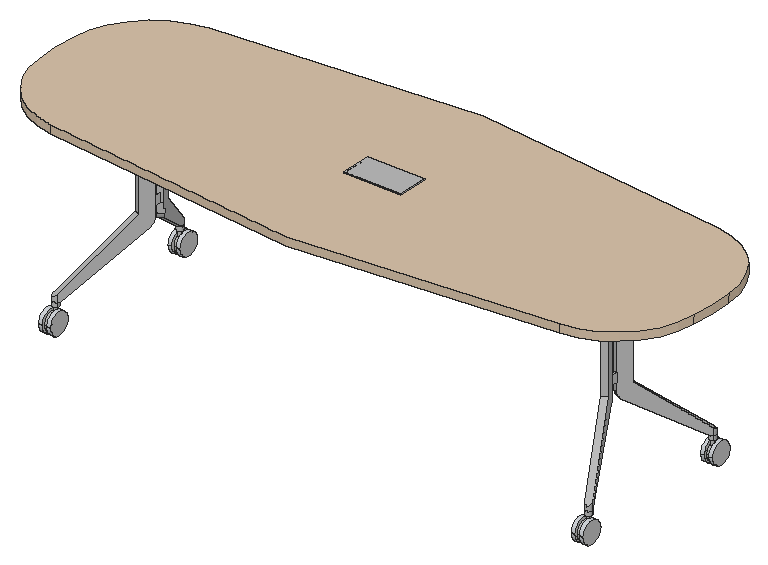
Revit family "Haworth_Planes_CollaborativeTable_Pebble", category Furniture Systems, Revit 2018
Family settings
  Round Connector Dimension = Use Diameter
  Part Type = Normal
  OmniClass Number = 23.40.70.14.64.21
  OmniClass Title = Systems Furniture
  Work Plane-Based = No
  Always vertical = Yes
  Cut with Voids When Loaded = No
  Shared = No
  Room Calculation Point = No
Parameters (values of type "96w 36d")
  Width = 96"
  Warranty = "http://www.haworth.com/resources/product-info/warranties"
  URL - Product = "http://www.haworth.com/products/tables/collaborative/planes"
  Table Finish [instance] = Haworth _ Laminate _ Maple H-AE
  Table Edge Finish [instance] = Haworth _ Laminate _ Maple H-AE
  Sustainability Info = "https://www.haworth.com/company-info/sustainability"
  Stretcher Width = Actual Width - ([Support Spacing - From Edge] * 2)  # 66"
  Opening Single Wide = no
  Opening Single = not(Opening Single Wide)  # yes
  Flip Top Width = Cutout Width + 5/16"  # 8 5/16"
  Flip Top Finish = Haworth _ Paint _ Metallic Champagne
  Flip Top Depth = Cutout Depth + 7/16"  # 4 7/16"
  Depth = 36"
  Custom 36 = not(and(and(Depth = 36"), or(Width = 60", Width = 66", Width = 72", Width = 78", Width = 84", Width = 90", Width = 96")))  # no
  Model = "TARP"  # constant formula
  Leg Finish [instance] = Haworth _ Paint _ Metallic Champagne
  Glides = not(Casters)  # no
  Flip Top = yes
  Description = "Haworth - Planes Collaborative Table - Pebble"  # constant formula
  Cutout Width = if(Opening Single Wide, 11", 8")  # 8"
  Cutout Depth = 4"  # constant formula
  Cutout = yes
  URL = "www.haworth.com"
  Table Thickness = 1 3/16"  # constant formula
  Support Spacing - From Edge = 15"  # constant formula
  Size = "Verify Final Dim. w/ Haworth"  # constant formula
  Revision Number = "6"  # constant formula
  Min/Max Width = "60-96 in. @ 6 in. increments"  # constant formula
  Min/Max Depth = "30 or 36 in."  # constant formula
  Min. Width = 60"  # constant formula
  Max. Width = if(Actual Depth < 36", 72", 96")  # 96"
  Min. Depth = 30"  # constant formula
  Max. Depth = 36"  # constant formula
  Manufacturer = "Haworth"  # constant formula
  Leg Height = Actual Height - Table Thickness  # 27 13/16"
  Custom Size = and(Custom 30, Custom 36)  # no
  Custom 30 = not(and(and(Depth = 30"), or(Width = 60", Width = 66", Width = 72")))  # yes
  Casters = yes
  Caster Finish = Haworth _ Paint _ Metallic Champagne
  Author = "Haworth (Alias), SHAPE Environments, LLC"  # constant formula
  Assembly Code = "E2020200"
  Actual Width = if(Width < Min. Width, Min. Width, if(Width > Max. Width, Max. Width, Width))  # 96"
  Actual Height = 29"  # constant formula
  Actual Depth = if(Depth > Max. Depth, Max. Depth, if(Depth < Min. Depth, Min. Depth, Depth))  # 36"
Reference planes (in)
  plane 1 "Center F/B": y = 0
  plane 2: z = 0
  plane 3 "Center L/R": x = 0
  plane 4 "Table Edge Left": x = -48
  plane 5 "Table Edge Right": x = 48
  plane 6 "Table Edge Front": y = 18
  plane 7 "Table Edge Back": y = -18
  plane 8 "Table Leg Left": x = -33
  plane 9 "Table Leg Right": x = 33
  plane 10 "Top": z = 29
Dimensions and locks (in)
  "Support Spacing - From Edge": plane 4 "Table Edge Left" to plane 8 "Table Leg Left"
  "Support Spacing - From Edge": plane 9 "Table Leg Right" to plane 5 "Table Edge Right"
  "Actual Width": plane 4 "Table Edge Left" to plane 5 "Table Edge Right"
  equal spacing: plane 4 "Table Edge Left", plane 3 "Center L/R", plane 5 "Table Edge Right"
  "Actual Depth": plane 6 "Table Edge Front" to plane 7 "Table Edge Back"
  equal spacing: plane 6 "Table Edge Front", plane 1 "Center F/B", plane 7 "Table Edge Back"
  "Actual Height": plane 10 "Top" to level
  aligned: plane 9 "Table Leg Right" to nested 2
  aligned: plane 8 "Table Leg Left" to nested 1
  aligned and locked: plane 8 "Table Leg Left" to nested 1
  aligned and locked: plane 9 "Table Leg Right" to nested 2
  aligned and locked: plane 2 to nested 3
  aligned and locked: plane 1 "Center F/B" to nested 3
  aligned and locked: plane 3 "Center L/R" to nested 3
  aligned and locked: nested 3 to nested 4  (x2)
  aligned and locked: nested 5 to plane 1 "Center F/B"
  aligned and locked: plane 3 "Center L/R" to nested 5
  aligned and locked: plane 2 to nested 5
  aligned and locked: nested 2 to plane 2
  aligned and locked: plane 2 to nested 1
  aligned and locked: nested 2 to plane 1 "Center F/B"
  aligned and locked: plane 1 "Center F/B" to nested 1
  aligned and locked: plane 10 "Top" to nested 4
Nested families (in)
  nested 1: "Haworth_Leg-Y_Part" at (-33, 0, 0), type "Leg"
  nested 2: "Haworth_Leg-Y_Part" at (33, 0, 0) x (-1, 0, 0) z (0, 0, 1), type "Leg"
  nested 3: "Haworth_Planes_Collaborative_Worksurface_Pebble_Part" at (0, -15, 0), type "Worksurface"
  nested 4: "Haworth_Worksurface_FlipTop_Unit_Part" at (-0.57037, -0.05249, 29), visible <- "Flip Top", type "Single Sided"
    with Actual Width 8 5/16", Actual Depth 4 7/16"
  nested 5: "Haworth_Planes_CollaborativeTable_Stretcher_Part" at (0, -3.19283, 0), type "Stretcher"
    with Actual Width 66"
Definition of nested family "Haworth_Leg-Y_Part"
  Parameters (values of type "Leg")
    Leg Height = 27 13/16"
    Leg Finish = none
    Glides = no
    Casters = yes
    Caster Finish = none
    Assembly Code = ""
  Reference planes (in)
    plane 1 "Center (Front/Back)": y = 0
    plane 2 "Bottom": z = 0
    plane 3 "Center (Left/Right)": x = 0
    plane 4 "Top of Leg": z = 27.8125
    plane 5 "Y Leg Stand": x = -5.875
    plane 6 "Left Y Leg": through (-0.17621, 0.60996, 48) normal (-0.8829, -0.4695, 0)
    plane 7 "Left Post": x = -0.5625
    plane 8 "Left Support": y = 11.32793
    plane 9: through (-0.17621, -0.60996, 48) normal (0.8829, -0.4695, 0)
    plane 10: y = -11.32793
  Forms (in)
    Extrusion 1, solid, material <- "Leg Finish"
      sketch origin (-0.51599, 0, 0) x (1, 0, 0) y (0, 0, 1)
        loop
          line (0.28125, 13.625) -> (0.28125, 14.875) -> (-0.04651, 14.875) -> (-0.04651, 13.625) -> (0.28125, 13.625)
      from -1 to 1
    Extrusion 2, solid, material <- "Leg Finish"
      sketch origin (-0.17621, 0.60996, 48) x (0.469468, -0.88295, 0) y (0, 0, -1)
        loop
          line (-2, 34.75027) -> (-2, 20.1875) -> (0, 20.1875) -> (0, 34.38219) -> (-0.09992, 35.81107)
          arc (-0.09992, 35.81107) -> (-0.23667, 36.25861) -> (-0.55568, 36.601) r 1.04081
          line (-0.55568, 36.601) -> (-11.7751, 43.96035) -> (-12.64299, 43.96035) -> (-12.64299, 43.40736) -> (-2, 34.75027)
      from -0.4375 to 0.4375
    Extrusion 3, void
      sketch origin (0.73566, 0.86334, 0) x (0.88295, 0.469468, 0) y (-0.469468, 0.88295, 0)
        loop
          arc (-1.36158, 12.3432) -> (-0.92408, 12.7807) -> (-0.48658, 12.3432) r 0.4375
          line (-0.48658, 12.3432) -> (-0.31134, 12.3432) -> (-0.31134, 12.89092) -> (-1.53683, 12.89092) -> (-1.53683, 12.3432) -> (-1.36158, 12.3432)
      from 3.22588 to 5.51592
    Revolve 4, solid, material <- "Leg Finish", visible <- "Glides"
      sketch origin (-5.88448, -0.04176, 0) x (-0.000803, -1, 0) y (0, 0, 1)
        loop
          line (-11.36969, 3.4375) -> (-11.36969, 0) -> (-10.36969, 0) -> (-10.36969, 0.1875) -> (-10.93219, 0.1875) -> (-10.93219, 3.4375) -> (-11.36969, 3.4375)
        axis (-11.36969, 3.4375) -> (-11.36969, 0)
      angle from 0 to 360
    Extrusion 5, solid, material <- "Leg Finish"
      sketch origin (0.73566, 0.86334, 0) x (0.88295, 0.469468, 0) y (-0.469468, 0.88295, 0)
        loop
          circle (-0.92408, 12.3432) r 0.4375
      from 3.4375 to 4.03965
    Extrusion 6, solid, material <- "Leg Finish"
      sketch origin (-0.17621, -0.60996, 48) x (0.469468, 0.88295, 0) y (0, 0, 1)
        loop
          line (-2, -34.75027) -> (-12.64299, -43.40736) -> (-12.64299, -43.96035) -> (-11.7751, -43.96035) -> (-0.55568, -36.601)
          arc (-0.55568, -36.601) -> (-0.23667, -36.25861) -> (-0.09992, -35.81107) r 1.04081
          line (-0.09992, -35.81107) -> (0, -34.38219) -> (0, -20.1875) -> (-2, -20.1875) -> (-2, -34.75027)
      from -0.4375 to 0.4375
    Extrusion 7, void
      sketch origin (0.73566, -0.86334, 0) x (0.88295, -0.469468, 0) y (0.469468, 0.88295, 0)
        loop
          line (-1.36158, -12.3432) -> (-1.53683, -12.3432) -> (-1.53683, -12.89092) -> (-0.31134, -12.89092) -> (-0.31134, -12.3432) -> (-0.48658, -12.3432)
          arc (-0.48658, -12.3432) -> (-0.92408, -12.7807) -> (-1.36158, -12.3432) r 0.4375
      from 3.22588 to 5.51592
    Revolve 8, solid, material <- "Leg Finish", visible <- "Glides"
      sketch origin (-5.88378, 0.04176, 0) x (-0.000803, 1, 0) y (0, 0, -1)
        loop
          line (-11.36969, -3.4375) -> (-10.93219, -3.4375) -> (-10.93219, -0.1875) -> (-10.36969, -0.1875) -> (-10.36969, 0) -> (-11.36969, 0) -> (-11.36969, -3.4375)
        axis (-11.36969, -3.4375) -> (-11.36969, 0)
      angle from 0 to 360
    Extrusion 9, solid, material <- "Leg Finish"
      sketch origin (0.73566, -0.86334, 0) x (0.88295, -0.469468, 0) y (0.469468, 0.88295, 0)
        loop
          circle (-0.92408, -12.3432) r 0.4375
      from 3.4375 to 4.03965
  Cuts and joins
    Extrusion 3, Extrusion 7 cuts Extrusion 1
    Extrusion 3, Extrusion 7 cuts Extrusion 2
    Extrusion 7 cuts Extrusion 5
    Extrusion 7 cuts Extrusion 6
    Extrusion 7 cuts Extrusion 9
    joined: Extrusion 1, Extrusion 2, Extrusion 5, Extrusion 6, Extrusion 9
    Extrusion 7 cuts Revolve 4
    Extrusion 7 cuts Revolve 8
  Lines and regions (in)
    Masking region 1
      outline origin (0, 0, 0) x (1, 0, 0) y (0, 1, 0)
        loop
          line (0.21008, 0.81535) -> (-5.48871, 11.53332)
          arc (-5.48871, 11.53332) -> (-6.08039, 11.71422) -> (-6.26129, 11.12254) r 0.4375
          line (-6.26129, 11.12254) -> (-0.5625, 0.40456) -> (-0.5625, -0.40456) -> (-6.26129, -11.12254)
          arc (-6.26129, -11.12254) -> (-6.08039, -11.71422) -> (-5.48871, -11.53332) r 0.4375
          line (-5.48871, -11.53332) -> (0.21008, -0.81535) -> (-0.23474, -0.57883) -> (-0.23474, 0.57883) -> (0.21008, 0.81535)
    symbolic lines, visible <- "Glides"
      curve 1: circle (-5.875, -11.32793, 0) r 1 normal (0, 0, 1)
      curve 2: circle (-5.875, 11.32793, 0) r 1 normal (0, 0, 1)
  Dimensions and locks (in)
    "Leg Height": plane 4 "Top of Leg" to level
    plane 5 "Y Leg Stand" to plane 3 "Center (Left/Right)" = 5 7/8"
    locked: plane 7 "Left Post" to plane 3 "Center (Left/Right)" at 0.5625
  Automatic sketch dimensions
    plane 7 "Left Post" to Extrusion 1 sketch curve = 0"
    Extrusion 1 sketch curve to plane 3 "Center (Left/Right)" = 0.23474"
    level to Extrusion 1 sketch curve = 13 5/8"
    Extrusion 1 sketch curve to Extrusion 1 sketch curve = 1 1/4"
    plane 4 "Top of Leg" to Extrusion 2 sketch curve = 0"
    Extrusion 2 sketch curve to level = 4.59264"
    Extrusion 2 sketch curve to level = 4.03965"
    Extrusion 2 sketch curve to Extrusion 2 sketch curve = 0.86789"
    Extrusion 2 sketch curve to Extrusion 2 sketch curve = 10.64299"
    Extrusion 2 sketch curve to Extrusion 2 sketch curve = 0.86181"
    Extrusion 2 sketch curve to level = 11.399"
    Extrusion 2 sketch curve to Extrusion 2 sketch curve = 0.58251"
    Extrusion 2 sketch curve to level = 12.18893"
    Extrusion 2 sketch curve to Extrusion 2 sketch curve = 0.45577"
    Extrusion 2 sketch curve to Extrusion 2 sketch curve = 2"
    Extrusion 2 sketch curve to Extrusion 2 sketch curve = 0.98819"
    Extrusion 2 sketch curve to Extrusion 2 sketch curve = 1.42888"
    Extrusion 3 sketch curve to plane 5 "Y Leg Stand" = 0"
    Extrusion 3 sketch curve to plane 6 "Left Y Leg" = 0"
    Extrusion 3 sketch curve to plane 6 "Left Y Leg" = 7/16"
    Extrusion 3 sketch curve to Extrusion 3 sketch curve = 0.17524"  (x2)
    Extrusion 3 sketch curve to Extrusion 3 sketch curve = 0.54772"
    Revolve 4 sketch curve to level = 0"
    level to Revolve 4 sketch curve = 3.42885"
    Revolve 4 sketch curve to Revolve 4 sketch curve = 0"
    level to Revolve 4 sketch curve = 3/16"
    Revolve 4 sketch curve to Revolve 4 sketch curve = 7/16"
    Revolve 4 sketch curve to Revolve 4 sketch curve = 9/16"
    Revolve 4 sketch curve to level = 1.07115"
    Revolve 4 sketch curve to Revolve 4 sketch curve = 0.00865"
    Extrusion 5 sketch curve to plane 5 "Y Leg Stand" = 0"
    Extrusion 5 sketch curve to plane 6 "Left Y Leg" = 0"
    Extrusion 6 sketch curve to plane 4 "Top of Leg" = 0"
    level to Extrusion 6 sketch curve = 4.59264"
    level to Extrusion 6 sketch curve = 4.03965"
    Extrusion 6 sketch curve to Extrusion 6 sketch curve = 0.86789"
    Extrusion 6 sketch curve to Extrusion 6 sketch curve = 10.64299"
    Extrusion 6 sketch curve to Extrusion 6 sketch curve = 0.86181"
    level to Extrusion 6 sketch curve = 11.399"
    Extrusion 6 sketch curve to Extrusion 6 sketch curve = 0.58251"
    level to Extrusion 6 sketch curve = 12.18893"
    Extrusion 6 sketch curve to Extrusion 6 sketch curve = 0.45577"
    Extrusion 6 sketch curve to Extrusion 6 sketch curve = 2"
    Extrusion 6 sketch curve to Extrusion 6 sketch curve = 0.98819"
    Extrusion 6 sketch curve to Extrusion 6 sketch curve = 1.42888"
    Extrusion 7 sketch curve to plane 5 "Y Leg Stand" = 0"
    plane 9 to Extrusion 7 sketch curve = 0"
    plane 9 to Extrusion 7 sketch curve = 7/16"
    Extrusion 7 sketch curve to Extrusion 7 sketch curve = 0.17524"  (x2)
    Extrusion 7 sketch curve to Extrusion 7 sketch curve = 0.54772"
    Revolve 8 sketch curve to level = 0"
    level to Revolve 8 sketch curve = 3.42885"
    Revolve 8 sketch curve to Revolve 8 sketch curve = 0"
    level to Revolve 8 sketch curve = 3/16"
    Revolve 8 sketch curve to Revolve 8 sketch curve = 7/16"
    Revolve 8 sketch curve to Revolve 8 sketch curve = 9/16"
    Revolve 8 sketch curve to Revolve 8 sketch curve = 0.00865"
    Revolve 8 sketch curve to level = 1.07115"
    Extrusion 9 sketch curve to plane 5 "Y Leg Stand" = 0"
    plane 9 to Extrusion 9 sketch curve = 0"
    Masking region 1 sketch curve to plane 5 "Y Leg Stand" = 0"  (x2)
    Masking region 1 sketch curve to plane 7 "Left Post" = 0"
    plane 9 to Masking region 1 sketch curve = 0"
    Masking region 1 sketch curve to plane 6 "Left Y Leg" = 0"
    plane 5 "Y Leg Stand" to Masking region 1 sketch curve = 0.38629"  (x2)
    Masking region 1 sketch curve to plane 8 "Left Support" = 0.20539"
    plane 10 to Masking region 1 sketch curve = 0.20539"
    plane 8 "Left Support" to Masking region 1 sketch curve = 0.20539"
    plane 3 "Center (Left/Right)" to Masking region 1 sketch curve = 0.21008"  (x2)
    Masking region 1 sketch curve to plane 3 "Center (Left/Right)" = 0.23474"
    Masking region 1 sketch curve to Masking region 1 sketch curve = 0.17427"  (x2)
    Masking region 1 sketch curve to plane 5 "Y Leg Stand" = 0.38629"
    plane 1 "Center (Front/Back)" to Masking region 1 sketch curve = 0.81535"
    Masking region 1 sketch curve to plane 1 "Center (Front/Back)" = 0.40456"
    curve 2 to plane 5 "Y Leg Stand" = 0"
    curve 1 to plane 5 "Y Leg Stand" = 0"
    plane 9 to curve 1 = 0"
    curve 2 to plane 6 "Left Y Leg" = 0"
    radius of Extrusion 5 sketch curve = 7/16"
    radius of Extrusion 9 sketch curve = 7/16"
    radius of curve 1 = 1"
    radius of curve 2 = 1"
  Nested families (in)
    nested 1: "Haworth_3in Caster" at (-5.875, 11.32793, 0), visible <- "Casters", type "Haworth_3in Caster"
    nested 2: "Haworth_3in Caster" at (-5.875, -11.32793, 0), visible <- "Casters", type "Haworth_3in Caster"
  Definition of nested family "Haworth_3in Caster"
    Parameters (values of type "Haworth_3in Caster")
      Glides = yes
      Caster Finish = none
      Cart Leg Finish = none
      Assembly Code = ""
    Reference planes (in)
      plane 1 "Center (Front/Back)": y = 0
      plane 2: z = 0
      plane 3 "Center (Left/Right)": x = 0
    Forms (in)
      Extrusion 1, solid
        sketch origin (0, 0, -0.02118) x (0, 1, 0) y (0, 0, 1)
          loop
            circle (-0.48695, 1.58368) r 1.5625
        from 0.875 to 0.3125
      Extrusion 2, solid
        sketch origin (0, 0, -0.02118) x (0, 1, 0) y (0, 0, 1)
          loop
            circle (-0.48695, 1.58368) r 1.5625
        from -0.875 to -0.3125
      Extrusion 3, solid
        sketch origin (0, 0, 0) x (0, 1, 0) y (0, 0, 1)
          loop
            circle (-0.48695, 1.5625) r 1.3125
        from -0.3125 to 0.3125
      Extrusion 4, solid
        sketch origin (0, 0, 0) x (1, 0, 0) y (0, 1, 0)
          loop
            circle (0, 0) r 0.25
        from 2.4375 to 3.4375
    Cuts and joins
      joined: Extrusion 3, Extrusion 4
    Lines and regions (in)
      Masking region 1
        outline origin (0, 0, 0) x (1, 0, 0) y (0, 1, 0)
          loop
            line (-0.875, 1.07555) -> (-0.875, -2.04945) -> (-0.3125, -2.04945) -> (-0.3125, -1.79945) -> (0.3125, -1.79945) -> (0.3125, -2.04945) -> (0.875, -2.04945) -> (0.875, 1.07555) -> (0.3125, 1.07555) -> (0.3125, 0.82555) -> (-0.3125, 0.82555) -> (-0.3125, 1.07555) -> (-0.875, 1.07555)
      symbolic lines
        curve 1: circle (0, 0, 0) r 0.25 normal (0, 0, 1)
    Dimensions and locks (in)
      plane 3 "Center (Left/Right)" to Extrusion 2 = 5/16"
      Extrusion 1 to plane 3 "Center (Left/Right)" = 7/8"
Definition of nested family "Haworth_Planes_Collaborative_Worksurface_Pebble_Part"
  Parameters (values of type "Worksurface")
    Width Arch = Actual Width * 2  # 192"
    Warranty = ""
    URL - Product = ""
    URL = "www.haworth.com"
    Thickness = 1 3/16"
    Table Finish = none
    Table Edge Finish = none
    Revision Number = ""
    Note = "Verify Final Dim. w/ Haworth"  # constant formula
    Manufacturer = "Haworth"  # constant formula
    Cutout Width = 8"
    Cutout Dimension = if(Cutout, 3", 1")  # 3"
    Cutout Depth = 4"
    Cutout = yes
    Corner Radius = 12"
    Author = "SHAPE Environments, LLC"  # constant formula
    Assembly Code = ""
    Actual Width = 96"
    Actual Height = 29"
    Actual Depth = 36"
  Reference planes (in)
    plane 1 "Center F/B": y = 15
    plane 2 "Bottom": z = 0
    plane 3 "Center L/R": x = 0
    plane 4 "Table Front": y = 33
    plane 5 "Table Right": x = 48
    plane 6 "Table Left": x = -48
    plane 7 "Table Back": y = -3
    plane 8 "Table Top": z = 29
    plane 9 "Table Bottom": z = 27.8125
    plane 10 "Cutout Top": z = 30
    plane 11 "Cutout Bottom": z = 27
  Forms (in)
    Extrusion 1, solid, material <- "Table Finish"
      sketch origin (0, 0, 0) x (1, 0, 0) y (0, 1, 0)
        loop
          arc (-37.1378, 29.37405) -> (-44.5036, 25.72002) -> (-47.7881, 18.18219) r 12
          arc (-47.7881, 18.18219) -> (-48, 15) -> (-47.7881, 11.81781) r 24
          arc (-47.7881, 11.81781) -> (-44.5036, 4.27998) -> (-37.1378, 0.62595) r 12
          arc (-37.1378, 0.62595) -> (0, -3) -> (37.1378, 0.62595) r 192
          arc (37.1378, 0.62595) -> (44.5036, 4.27998) -> (47.7881, 11.81781) r 12
          arc (47.7881, 11.81781) -> (48, 15) -> (47.7881, 18.18219) r 24
          arc (47.7881, 18.18219) -> (44.5036, 25.72002) -> (37.1378, 29.37405) r 12
          arc (37.1378, 29.37405) -> (0, 33) -> (-37.1378, 29.37405) r 192
      from 27.8125 to 29
    Extrusion 2, void
      sketch origin (0, 0, 29) x (-1, 0, 0) y (0, -1, 0)
        loop
          line (4, -17) -> (4, -13) -> (-4, -13) -> (-4, -17) -> (4, -17)
      from -2 to 1
  Cuts and joins
    Extrusion 2 cuts Extrusion 1
  Lines and regions (in)
    Masking region 1
      outline origin (0, 0, 0) x (1, 0, 0) y (0, 1, 0)
        loop
          arc (37.1378, 29.37405) -> (0, 33) -> (-37.1378, 29.37405) r 192
          arc (-37.1378, 29.37405) -> (-44.5036, 25.72002) -> (-47.7881, 18.18219) r 12
          arc (-47.7881, 18.18219) -> (-48, 15) -> (-47.7881, 11.81781) r 24
          arc (-47.7881, 11.81781) -> (-44.5036, 4.27998) -> (-37.1378, 0.62595) r 12
          arc (-37.1378, 0.62595) -> (0, -3) -> (37.1378, 0.62595) r 192
          arc (37.1378, 0.62595) -> (44.5036, 4.27998) -> (47.7881, 11.81781) r 12
          arc (47.7881, 11.81781) -> (48, 15) -> (47.7881, 18.18219) r 24
          arc (47.7881, 18.18219) -> (44.5036, 25.72002) -> (37.1378, 29.37405) r 12
    symbolic lines, visible <- "Cutout"
      curve 1: line (4, 13, 0) -> (-4, 13, 0)
      curve 2: line (-4, 13, 0) -> (-4, 17, 0)
      curve 3: line (-4, 17, 0) -> (4, 17, 0)
      curve 4: line (4, 17, 0) -> (4, 13, 0)
  Dimensions and locks (in)
    "Actual Depth": plane 7 "Table Back" to plane 4 "Table Front"
    "Actual Width": plane 6 "Table Left" to plane 5 "Table Right"
    equal spacing: plane 6 "Table Left", plane 3 "Center L/R", plane 5 "Table Right"
    equal spacing: plane 4 "Table Front", plane 1 "Center F/B", plane 7 "Table Back"
    "Thickness": plane 8 "Table Top" to plane 9 "Table Bottom"
    "Actual Height": plane 8 "Table Top" to level
    locked: plane 6 "Table Left" to Extrusion 1 sketch curve at 24
    "Width Arch": plane 7 "Table Back" to Extrusion 1 sketch curve
    locked: Extrusion 1 sketch curve to plane 5 "Table Right" at 24
    "Width Arch": plane 4 "Table Front" to Extrusion 1 sketch curve
    equal spacing: Extrusion 2 sketch curve, plane 1 "Center F/B", Extrusion 2 sketch curve
    equal spacing: Extrusion 2 sketch curve, plane 3 "Center L/R", Extrusion 2 sketch curve
    "Cutout Width": Extrusion 2 sketch curve to Extrusion 2 sketch curve
    "Cutout Depth": Extrusion 2 sketch curve to Extrusion 2 sketch curve
    "Cutout Dimension": plane 10 "Cutout Top" to plane 11 "Cutout Bottom"
    plane 10 "Cutout Top" to plane 8 "Table Top" = 1"
    "Width Arch": radius of Extrusion 1 sketch curve  (x2)
    radius of Extrusion 1 sketch curve = 24"  (x2)
    "Corner Radius": radius of Extrusion 1 sketch curve  (x4)
    aligned and locked: plane 8 "Table Top" to Extrusion 1
    aligned and locked: Extrusion 1 to plane 9 "Table Bottom"
    aligned and locked: plane 10 "Cutout Top" to Extrusion 2
    aligned and locked: Extrusion 2 to plane 11 "Cutout Bottom"
    aligned and locked: curve 4 to Extrusion 2
    aligned and locked: curve 2 to Extrusion 2
    aligned and locked: curve 3 to Extrusion 2
    aligned and locked: curve 1 to Extrusion 2
    aligned and locked: Masking region 1 sketch curve to cut or joined group of Extrusion 1, Extrusion 2  (x8)
  Automatic sketch dimensions
    Extrusion 1 sketch curve to plane 3 "Center L/R" = 0"  (x2)
    plane 1 "Center F/B" to Extrusion 1 sketch curve = 0"  (x2)
    Extrusion 1 sketch curve to Extrusion 1 sketch curve = 0"  (x8)
Definition of nested family "Haworth_Worksurface_FlipTop_Unit_Part"
  Parameters (values of type "Single Sided")
    Warranty = "www.haworth.com/en-us/Products/Pages/Certifications.aspx"
    URL - Product = "www.haworth.com/en-us/Products/Furniture/Systems/Desking-Systems/Pages/Compose.aspx"
    URL = "www.haworth.com"
    Sustainability Info = "www.haworth.com/en-us/About-Us/Sustainability/Pages/Vision.aspx"
    Size = "Verify Final Dim. w/ Haworth"  # constant formula
    Revision Number = "2"  # constant formula
    Model = "Haworth_Worksurface-Flip_Top_Unit"  # constant formula
    Manufacturer = "Haworth"  # constant formula
    LEED Data = "www.haworth.com/_layouts/Haworth.ProductCatalog/Handlers/GetAsset.ashx/ComposeLEEDContributions.pdf?cid=27&rid=1824&type=Leed"
    Flip Top Finish = none
    Description = "Haworth Worksurface-Flip Top Unit - Part"
    Default Elevation = 48"
    Author = "SHAPE Environments, LLC"  # constant formula
    Assembly Code = "E2020200"
    Actual Width = 8 1/4"
    Actual Depth = 4 3/8"
  Reference planes (in)
    plane 1 "Center F/B": y = 0.05249
    plane 2: z = 0
    plane 3 "Center L/R": x = 0.57037
    plane 4 "Back": y = 2.23999
    plane 5 "Right": x = 4.69537
    plane 6 "Front": y = -2.13501
    plane 7 "Left": x = -3.55463
    plane 8 "Table Height": z = 0
  Forms (in)
    Extrusion 1, solid, material <- "Flip Top Finish"
      sketch origin (0, 0, 0) x (-1, 0, 0) y (0, -1, 0)
        loop
          line (3.55463, -2.23999) -> (3.55463, 2.13501) -> (-4.69537, 2.13501) -> (-4.69537, -2.23999) -> (3.55463, -2.23999)
      from 0 to 0.125
    Extrusion 2, solid, material <- "Flip Top Finish"
      sketch origin (0, 0, 0) x (-1, 0, 0) y (0, -1, 0)
        loop
          line (3.42963, -2.05249) -> (3.42963, 1.94751) -> (-4.57037, 1.94751) -> (-4.57037, -2.05249) -> (3.42963, -2.05249)
      from 0 to -2.75
  Cuts and joins
    joined: Extrusion 1, Extrusion 2
  Lines and regions (in)
    Masking region 1
      outline origin (0, 0, 0) x (1, 0, 0) y (0, 1, 0)
        loop
          line (-3.55463, 2.23999) -> (-3.55463, -2.13501) -> (4.69537, -2.13501) -> (4.69537, 2.23999) -> (-3.55463, 2.23999)
  Dimensions and locks (in)
    equal spacing: plane 7 "Left", plane 3 "Center L/R", plane 5 "Right"
    "Actual Width": plane 7 "Left" to plane 5 "Right"
    equal spacing: plane 6 "Front", plane 1 "Center F/B", plane 4 "Back"
    "Actual Depth": plane 4 "Back" to plane 6 "Front"
    plane 7 "Left" to Extrusion 2 sketch curve = 1/8"
    plane 4 "Back" to Extrusion 2 sketch curve = 3/16"
    Extrusion 2 sketch curve to plane 5 "Right" = 1/8"
    Extrusion 2 sketch curve to plane 6 "Front" = 3/16"
    locked: plane 8 "Table Height" to level
    aligned and locked: plane 7 "Left" to Extrusion 1 sketch curve
    aligned and locked: Extrusion 1 sketch curve to plane 4 "Back"
    aligned and locked: plane 6 "Front" to Extrusion 1 sketch curve
    aligned and locked: Extrusion 1 sketch curve to plane 5 "Right"
    aligned and locked: Masking region 1 sketch curve to cut or joined group of Extrusion 1, Extrusion 2  (x3)
    aligned and locked: cut or joined group of Extrusion 1, Extrusion 2 to Masking region 1 sketch curve
Definition of nested family "Haworth_Planes_CollaborativeTable_Stretcher_Part"
  Parameters (values of type "Stretcher")
    Warranty = "http://www.haworth.com/resources/product-info/warranties"
    URL - Product = "http://www.haworth.com/products/tables/training/planes"
    Type Comments = ""
    Sustainability Info = "http://media.haworth.com/asset/5175/Planes%20tables%20PEDS.pdf"
    Model = "Haworth Planes"  # constant formula
    Leg Finish = none
    Height = 26 245/256"  # constant formula
    Description = "Haworth - Planes Training - Table Stretcher"
    URL = "www.haworth.com"
    Size = "Verify Final Dim. w/ Haworth"  # constant formula
    Revision Number = "1"  # constant formula
    Manufacturer = "Haworth"  # constant formula
    Author = "Haworth (Alias)"  # constant formula
    Assembly Code = "E2020200"
    Actual Width = 46"
    Actual Depth = 4 119/128"  # constant formula
  Reference planes (in)
    plane 1 "Bottom": z = 0
    plane 2 "Center L/R": x = 0
    plane 3 "Left": x = -23
    plane 4 "Right": x = 23
    plane 5 "Center FB": y = 3.19283
    plane 6 "Back": y = 5.65767
    plane 7 "Front": y = 0.72799
  Forms (in)
    Extrusion 1, solid, material <- "Leg Finish"
      sketch origin (30, 0.35365, 0) x (0, 1, 0) y (0, 0, 1)
        loop
          line (0.37434, 26.95703) -> (0.37434, 25.33721)
          arc (0.37434, 25.33721) -> (0.44756, 25.16044) -> (0.62434, 25.08721) r 0.25
          line (0.62434, 25.08721) -> (5.05402, 25.08721)
          arc (5.05402, 25.08721) -> (5.2308, 25.16044) -> (5.30402, 25.33721) r 0.25
          line (5.30402, 25.33721) -> (5.30402, 26.95703) -> (0.37434, 26.95703)
      from -53 to -7
  Lines and regions (in)
    symbolic lines, detail levels medium+fine
      curve 1: line (-23, 0.72799, 29) -> (23, 0.72799, 29)
      curve 2: line (23, 5.65767, 29) -> (-23, 5.65767, 29)
  Dimensions and locks (in)
    "Actual Width": plane 3 "Left" to plane 4 "Right"
    equal spacing: plane 3 "Left", plane 2 "Center L/R", plane 4 "Right"
    equal spacing: plane 6 "Back", plane 5 "Center FB", plane 7 "Front"
    "Actual Depth": plane 6 "Back" to plane 7 "Front"
    "Height": Extrusion 1 sketch curve to plane 1 "Bottom"
    locked: Extrusion 1 sketch curve to Extrusion 1 sketch curve at 1.86982
    aligned and locked: plane 4 "Right" to Extrusion 1
    aligned and locked: Extrusion 1 to plane 3 "Left"
    aligned and locked: Extrusion 1 sketch curve to plane 7 "Front"
    aligned and locked: plane 6 "Back" to Extrusion 1 sketch curve
    aligned and locked: plane 7 "Front" to curve 1
    aligned and locked: plane 6 "Back" to curve 2
  Automatic sketch dimensions
    curve 1 to plane 4 "Right" = 0"
    curve 2 to plane 4 "Right" = 0"
    curve 2 to plane 3 "Left" = 0"
    curve 1 to plane 3 "Left" = 0"
    Extrusion 1 sketch curve to Extrusion 1 sketch curve = 1/4"
    Extrusion 1 sketch curve to plane 6 "Back" = 1/4"
